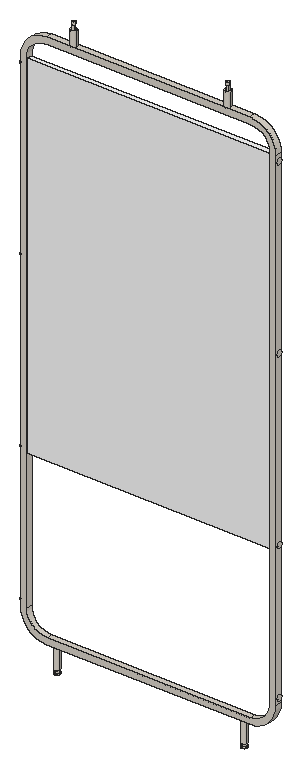
Revit family "okamura_LivesPostBeam130_BLS5B4_ライブス ポストビーム_固定パネル_ホワイトボードS_900W2040H", category 家具, Revit 2017
Family settings
  OmniClass 番号 = 23.40.20.00
  OmniClass タイトル = General Furniture and Specialties
  作業面に基づく = いいえ
  常に垂直 = はい
  ロード時にボイドで切り取り = いいえ
  共有 = いいえ
  部屋計算ポイント = いいえ
Parameters (values of type "（ライトグレージュ）")
  製造元 = "株式会社オカムラ"
  製品名称 [instance] = "ライブス ポストビーム"  # constant formula
  製品コード/色仕様 = "BLS5B4"  # constant formula
  製品コード [instance] = "BLS5B4"  # constant formula
  色仕様名称 [instance] = "ライトグレージュ"
  色仕様コード [instance] = ""
  本体 = okm_ZH17
  導入日 [instance] = ""
  共通仕様 = ""
  備考 = ""
  シリアルNo [instance] = ""
  キーノート = "12490"
  パネル = okm_ZE50
  アセンブリ コード = "E2020200"
  W = 900.0 mm  # constant formula
  URL = "http://www.okamura.co.jp/"
  Product_URL = ""
  ID [instance] = ""
  H = 2040.0 mm  # constant formula
  D = 21.0 mm  # constant formula
  Copyright [instance] = "©2022.10 okamura Corp."  # constant formula
Types (5, lengths in mm): name | 色仕様名称 | 本体
  (no name) | "ライトグレージュ" | okm_ZH17
  （ライトグレージュ） | "ライトグレージュ" | okm_ZH17
  （ブラック） | "ブラック" | okm_ZK25
  （ネオホワイト） | "ネオホワイト" | okm_ZA75
  （ダークグレー） | "ダークグレー" | okm_ZH15
Reference planes
  plane 1 "中心(正面/背面)": y = 0
  plane 2: z = 0
  plane 3 "中心(左/右)": x = 0
  plane 4 "左": x = -450
  plane 5 "右": x = 450
  plane 6 "背面": y = 10.5
  plane 7 "正面": y = -10.5
  plane 8 "上": z = 2040
  plane 9: z = 1990
Forms (mm)
  Extrusion 1, solid, material "okm_ZH17" <- "本体"
    sketch origin (0, 0, 0) x (1, 0, 0) y (0, 0, 1)
      loop
        line (-447.5, 1899) -> (-447.5, 176)
        arc (-447.5, 176) -> (-420.847, 111.653) -> (-356.5, 85) r 91
        line (-356.5, 85) -> (356.5, 85)
        arc (356.5, 85) -> (420.847, 111.653) -> (447.5, 176) r 91
        line (447.5, 176) -> (447.5, 1899)
        arc (447.5, 1899) -> (420.847, 1963.347) -> (356.5, 1990) r 91
        line (356.5, 1990) -> (-356.5, 1990)
        arc (-356.5, 1990) -> (-420.847, 1963.347) -> (-447.5, 1899) r 91
      loop
        arc (-426.5, 176) -> (-405.997, 126.503) -> (-356.5, 106) r 70
        line (-356.5, 106) -> (356.5, 106)
        arc (356.5, 106) -> (405.997, 126.503) -> (426.5, 176) r 70
        line (426.5, 176) -> (426.5, 1899)
        arc (426.5, 1899) -> (405.997, 1948.497) -> (356.5, 1969) r 70
        line (356.5, 1969) -> (-356.5, 1969)
        arc (-356.5, 1969) -> (-405.997, 1948.497) -> (-426.5, 1899) r 70
        line (-426.5, 1899) -> (-426.5, 176)
    from -10.5 to 10.5
  Extrusion 2, solid, material "okm_H343"
    sketch origin (0, 0, 0) x (1, 0, 0) y (0, 0, 1)
      loop
        line (-426.5, 660.001) -> (426.5, 660.001) -> (426.5, 1899) -> (-426.5, 1899) -> (-426.5, 660.001)
    from -9.5 to 9.5
  Extrusion 3, solid, material "okm_ZH17" <- "本体"
    sketch origin (0, 0, 0.2) x (0, 1, 0) y (0, 0, 1)
      loop
        circle (0, 196) r 9
      loop
        circle (0, 674.988) r 9
      loop
        circle (0, 1878.6) r 9
      loop
        circle (0, 1276.808) r 9
    from 446.4 to 450
  Revolve 4, solid, material "okm_ZH17" <- "本体"
    sketch origin (0, 0, 0) x (1, 0, 0) y (0, 0, 1)
      loop
        line (-270, 2065) -> (-276, 2065) -> (-276, 2059) -> (-274, 2059) -> (-274, 2040) -> (-280, 2040) -> (-280, 1990) -> (-270, 1990) -> (-270, 2065)
      axis (-270, 2065) -> (-270, 1990)
    angle from 0 to 360
  Revolve 5, solid, material "okm_ZH17" <- "本体"
    sketch origin (0, 0, 0) x (-1, 0, 0) y (0, 0, 1)
      loop
        line (-270, 2065) -> (-276, 2065) -> (-276, 2059) -> (-274, 2059) -> (-274, 2040) -> (-280, 2040) -> (-280, 1990) -> (-270, 1990) -> (-270, 2065)
      axis (-270, 2065) -> (-270, 1990)
    angle from 0 to 360
  Revolve 6, solid, material "okm_ZH17" <- "本体"
    sketch origin (0, 0, 2075) x (1, 0, 0) y (0, 0, -1)
      loop
        line (-337.05, 2060) -> (-337.05, 1990) -> (-327.5, 1990) -> (-327.5, 2075) -> (-336.481, 2075)
        arc (-336.481, 2075) -> (-337.188, 2074.707) -> (-337.481, 2074) r 1
        line (-337.481, 2074) -> (-337.481, 2072)
        arc (-337.481, 2072) -> (-337.188, 2071.293) -> (-336.481, 2071) r 1
        line (-336.481, 2071) -> (-335.006, 2071) -> (-335.006, 2065) -> (-332.5, 2065)
        arc (-332.5, 2065) -> (-331.793, 2064.707) -> (-331.5, 2064) r 1
        line (-331.5, 2064) -> (-331.5, 2060) -> (-337.05, 2060)
      axis (-327.5, 1990) -> (-327.5, 2075)
    angle from 0 to 360
  Revolve 7, solid, material "okm_ZH17" <- "本体"
    sketch origin (0, 0, 2075) x (-1, 0, 0) y (0, 0, -1)
      loop
        line (-337.05, 2060) -> (-337.05, 1990) -> (-327.5, 1990) -> (-327.5, 2075) -> (-336.481, 2075)
        arc (-336.481, 2075) -> (-337.188, 2074.707) -> (-337.481, 2074) r 1
        line (-337.481, 2074) -> (-337.481, 2072)
        arc (-337.481, 2072) -> (-337.188, 2071.293) -> (-336.481, 2071) r 1
        line (-336.481, 2071) -> (-335.006, 2071) -> (-335.006, 2065) -> (-332.5, 2065)
        arc (-332.5, 2065) -> (-331.793, 2064.707) -> (-331.5, 2064) r 1
        line (-331.5, 2064) -> (-331.5, 2060) -> (-337.05, 2060)
      axis (-327.5, 1990) -> (-327.5, 2075)
    angle from 0 to 360
  Extrusion 8, solid, material "okm_ZH17" <- "本体"
    sketch origin (0, 0, 0.2) x (0, 1, 0) y (0, 0, -1)
      loop
        circle (0, -196) r 9
      loop
        circle (0, -674.988) r 9
      loop
        circle (0, -1878.6) r 9
      loop
        circle (0, -1276.808) r 9
    from 446.4 to 450
Lines and regions (mm)
  Masking region 1
    outline origin (0, 0, 0) x (1, 0, 0) y (0, 1, 0)
      loop
        line (-450, 10.5) -> (-450, -10.5) -> (450, -10.5) -> (450, 10.5) -> (-450, 10.5)
  symbolic lines, style "okm_標準・詳細", detail levels medium+fine
    curve 1: line (-450, -17.5, 0) -> (-450, 17.5, 0)
  symbolic lines, style "okm_簡略", detail levels coarse
    curve 2: line (-450, 17.5, 0) -> (-450, -17.5, 0)
Dimensions and locks
  equal spacing: plane 4 "左", plane 3 "中心(左/右)", plane 5 "右"
  "W": plane 4 "左" to plane 5 "右"
  equal spacing: plane 7 "正面", plane 1 "中心(正面/背面)", plane 6 "背面"
  "D": plane 7 "正面" to plane 6 "背面"
  "H": plane 8 "上" to level
  plane 8 "上" to plane 9 = 50.0 mm
  aligned and locked: level to plane 2
Automatic sketch dimensions
  curve 1 to plane 4 "左" = 0.0 mm
  plane 1 "中心(正面/背面)" to curve 2 = 17.5 mm
  curve 2 to plane 1 "中心(正面/背面)" = 17.5 mm
  Extrusion 1 sketch curve to Extrusion 1 sketch curve = 0.0 mm  (x8)
  Extrusion 1 sketch curve to plane 9 = 0.0 mm
  plane 4 "左" to Extrusion 1 sketch curve = 2.5 mm
  Extrusion 1 sketch curve to Extrusion 1 sketch curve = 21.0 mm
  Extrusion 1 sketch curve to Extrusion 1 sketch curve = 70.0 mm  (x2)
  Extrusion 1 sketch curve to plane 5 "右" = 93.5 mm  (x2)
  Extrusion 1 sketch curve to plane 5 "右" = 23.5 mm
  level to Extrusion 1 sketch curve = 176.0 mm
  plane 4 "左" to Extrusion 2 sketch curve = 23.5 mm
  Extrusion 2 sketch curve to plane 5 "右" = 23.5 mm
  level to Extrusion 2 sketch curve = 660.001 mm
  Extrusion 2 sketch curve to plane 9 = 91.0 mm
  plane 1 "中心(正面/背面)" to Extrusion 3 sketch curve = 0.0 mm  (x4)
  level to Extrusion 3 sketch curve = 196.2 mm
  Extrusion 3 sketch curve to Extrusion 3 sketch curve = 478.988 mm
  Extrusion 3 sketch curve to Extrusion 3 sketch curve = 601.82 mm
  Extrusion 3 sketch curve to plane 9 = 111.2 mm
  Masking region 1 sketch curve to plane 4 "左" = 0.0 mm
  Masking region 1 sketch curve to plane 5 "右" = 0.0 mm
  plane 1 "中心(正面/背面)" to Masking region 1 sketch curve = 10.5 mm
  Masking region 1 sketch curve to plane 1 "中心(正面/背面)" = 10.5 mm
  Revolve 4 sketch curve to plane 9 = 0.0 mm
  Revolve 4 sketch curve to plane 8 "上" = 0.0 mm
  plane 4 "左" to Revolve 4 sketch curve = 170.0 mm
  Revolve 4 sketch curve to Revolve 4 sketch curve = 4.0 mm
  Revolve 4 sketch curve to Revolve 4 sketch curve = 6.0 mm  (x2)
  Revolve 4 sketch curve to Revolve 4 sketch curve = 10.0 mm
  plane 8 "上" to Revolve 4 sketch curve = 19.0 mm
  Revolve 4 sketch curve to Revolve 4 sketch curve = 0.0 mm
  Revolve 4 sketch curve to Revolve 4 sketch curve = 1.0 mm
  Revolve 4 sketch curve to Revolve 4 sketch curve = 15.0 mm
  Revolve 5 sketch curve to plane 9 = 0.0 mm
  Revolve 5 sketch curve to plane 8 "上" = 0.0 mm
  plane 5 "右" to Revolve 5 sketch curve = 170.0 mm
  Revolve 5 sketch curve to Revolve 5 sketch curve = 4.0 mm
  Revolve 5 sketch curve to Revolve 5 sketch curve = 6.0 mm  (x2)
  Revolve 5 sketch curve to Revolve 5 sketch curve = 10.0 mm
  Revolve 5 sketch curve to plane 8 "上" = 19.0 mm
  Revolve 5 sketch curve to Revolve 5 sketch curve = 0.0 mm
  Revolve 5 sketch curve to Revolve 5 sketch curve = 1.0 mm
  Revolve 5 sketch curve to Revolve 5 sketch curve = 15.0 mm
  Revolve 6 sketch curve to level = 0.0 mm  (x2)
  Revolve 6 sketch curve to level = 3.0 mm
  Revolve 6 sketch curve to plane 4 "左" = 112.519 mm
  Revolve 6 sketch curve to Revolve 6 sketch curve = 0.431 mm
  Revolve 6 sketch curve to Revolve 6 sketch curve = 1.0 mm  (x3)
  Revolve 6 sketch curve to Revolve 6 sketch curve = 1.476 mm
  Revolve 6 sketch curve to Revolve 6 sketch curve = 2.506 mm
  Revolve 6 sketch curve to Revolve 6 sketch curve = 9.55 mm
  Revolve 6 sketch curve to Revolve 6 sketch curve = 6.0 mm
  Revolve 6 sketch curve to Revolve 6 sketch curve = 4.0 mm
  Revolve 6 sketch curve to Revolve 6 sketch curve = 70.0 mm
  Revolve 6 sketch curve to Revolve 6 sketch curve = 0.0 mm
  Revolve 6 sketch curve to Revolve 6 sketch curve = 25.0 mm
  Revolve 7 sketch curve to level = 0.0 mm  (x2)
  level to Revolve 7 sketch curve = 3.0 mm
  Revolve 7 sketch curve to plane 5 "右" = 112.519 mm
  Revolve 7 sketch curve to Revolve 7 sketch curve = 0.431 mm
  Revolve 7 sketch curve to Revolve 7 sketch curve = 1.0 mm  (x3)
  Revolve 7 sketch curve to Revolve 7 sketch curve = 1.476 mm
  Revolve 7 sketch curve to Revolve 7 sketch curve = 2.506 mm
  Revolve 7 sketch curve to Revolve 7 sketch curve = 9.55 mm
  Revolve 7 sketch curve to Revolve 7 sketch curve = 6.0 mm
  Revolve 7 sketch curve to Revolve 7 sketch curve = 4.0 mm
  Revolve 7 sketch curve to Revolve 7 sketch curve = 70.0 mm
  Revolve 7 sketch curve to Revolve 7 sketch curve = 0.0 mm
  Revolve 7 sketch curve to level = 25.0 mm
  plane 1 "中心(正面/背面)" to Extrusion 8 sketch curve = 0.0 mm  (x4)
  Extrusion 8 sketch curve to plane 9 = 111.2 mm
  Extrusion 8 sketch curve to Extrusion 8 sketch curve = 601.792 mm
  Extrusion 8 sketch curve to Extrusion 8 sketch curve = 601.82 mm
  level to Extrusion 8 sketch curve = 196.2 mm
  radius of Extrusion 3 sketch curve = 9.0 mm  (x4)
  radius of Extrusion 8 sketch curve = 9.0 mm  (x4)
